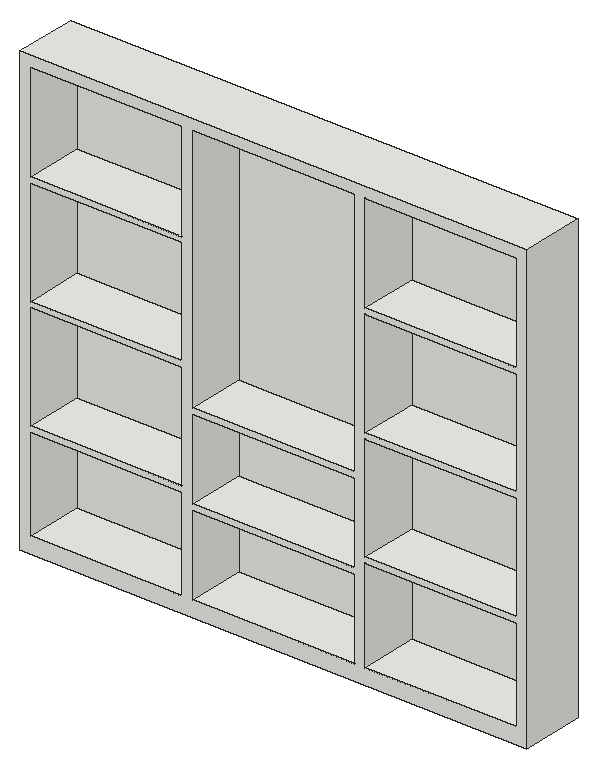
Revit family
Parameters (values of type "96" x 84" x 30"")
  Material = Laminate - Ivory, Matte
  Assembly Code = "E2020200"
  Center Width = 800 mm
  Depth = 300 mm
  Height = 2200 mm
  Width = 2500 mm
Types (2, lengths in mm): name | Material | Center Width | Depth | Height | Width
  72" x 72" x 24" | none | 812.8 | 609.6 | 1828.8 | 1828.8
  96" x 84" x 30" | Laminate - Ivory, Matte | 800 | 300 | 2200 | 2500
Reference planes
  plane 1: y = -406.4
  plane 2: z = 0
  plane 3: x = 0
  plane 4 "Back": y = -256.4
  plane 5 "Front": y = -556.4
  plane 6 "Right": x = 1250
  plane 7 "Left": x = -1250
  plane 8: z = 2200
  plane 9: x = -1199.2
  plane 10: x = -400
  plane 11: x = 400
  plane 12: x = 1199.2
  plane 13: x = -1250
  plane 14: x = 1250
  plane 15: z = 1650
  plane 16: z = 1100
  plane 17: z = 550
  plane 18: x = -425.4
  plane 19: x = 425.4
Forms (mm)
  Extrusion 1, solid, material "Laminate - Ivory, Matte" <- "Material"
    sketch origin (0, 0, 0) x (1, 0, 0) y (0, 0, 1)
      loop
        line (-1250, 0) -> (1250, 0) -> (1250, 2200) -> (-1250, 2200) -> (-1250, 0)
      loop
        line (-1199.2, 2149.2) -> (-1199.2, 1662.7) -> (-450.8, 1662.7) -> (-450.8, 2149.2) -> (-1199.2, 2149.2)
      loop
        line (-1199.2, 76.2) -> (-450.8, 76.2) -> (-450.8, 537.3) -> (-1199.2, 537.3) -> (-1199.2, 76.2)
      loop
        line (1199.2, 2149.2) -> (450.8, 2149.2) -> (450.8, 1662.7) -> (1199.2, 1662.7) -> (1199.2, 2149.2)
      loop
        line (-400, 2149.2) -> (-400, 922.2) -> (400, 922.2) -> (400, 2149.2) -> (-400, 2149.2)
      loop
        line (-400, 76.2) -> (400, 76.2) -> (400, 473.8) -> (-400, 473.8) -> (-400, 76.2)
      loop
        line (450.8, 76.2) -> (1199.2, 76.2) -> (1199.2, 537.3) -> (450.8, 537.3) -> (450.8, 76.2)
      loop
        line (-450.8, 562.7) -> (-450.8, 1087.3) -> (-1199.2, 1087.3) -> (-1199.2, 562.7) -> (-450.8, 562.7)
      loop
        line (-1199.2, 1637.3) -> (-1199.2, 1112.7) -> (-450.8, 1112.7) -> (-450.8, 1637.3) -> (-1199.2, 1637.3)
      loop
        line (1199.2, 1637.3) -> (450.8, 1637.3) -> (450.8, 1112.7) -> (1199.2, 1112.7) -> (1199.2, 1637.3)
      loop
        line (1199.2, 1087.3) -> (450.8, 1087.3) -> (450.8, 562.7) -> (1199.2, 562.7) -> (1199.2, 1087.3)
      loop
        line (-400, 499.2) -> (400, 499.2) -> (400, 896.8) -> (-400, 896.8) -> (-400, 499.2)
    from 256.4 to 566.4
  Extrusion 2, solid, material "Laminate - Ivory, Matte" <- "Material"
    sketch origin (0, -256.4, 0) x (-1, 0, 0) y (0, 0, 1)
      loop
        line (1199.2, 2149.2) -> (-1199.2, 2149.2) -> (-1199.2, 76.2) -> (1199.2, 76.2) -> (1199.2, 2149.2)
    from 0 to -25.4
Cuts and joins
  joined: Extrusion 1, Extrusion 2
Lines and regions (mm)
  Masking region 1
    outline origin (0, 0, 0) x (1, 0, 0) y (0, 1, 0)
      loop
        line (-1250, -256.4) -> (-1250, -556.4) -> (1250, -556.4) -> (1250, -256.4) -> (-1250, -256.4)
Dimensions and locks
  locked: plane 13 to plane 9 at 50.8
  locked: plane 12 to plane 14 at 50.8
  plane 8 to Extrusion 1 sketch curve = 50.8 mm
  Extrusion 1 sketch curve to plane 2 = 76.2 mm
  Extrusion 1 sketch curve to Extrusion 1 sketch curve = 25.4 mm  (x2)
  "Width": plane 7 "Left" to plane 6 "Right"
  equal spacing: plane 7 "Left", plane 3, plane 6 "Right"
  equal spacing: plane 4 "Back", plane 1, plane 5 "Front"
  "Depth": plane 4 "Back" to plane 5 "Front"
  equal spacing: plane 8, plane 15, plane 16, plane 17, plane 2
  locked: Extrusion 1 sketch curve to plane 15 at 12.7
  locked: plane 15 to Extrusion 1 sketch curve at 12.7
  locked: Extrusion 1 sketch curve to plane 16 at 12.7
  locked: plane 16 to Extrusion 1 sketch curve at 12.7
  locked: Extrusion 1 sketch curve to plane 17 at 12.7
  locked: plane 17 to Extrusion 1 sketch curve at 12.7
  "Height": plane 8 to plane 2
  "Center Width": plane 10 to plane 11
  equal spacing: plane 10, plane 3, plane 11
  locked: plane 18 to plane 10 at 25.4
  locked: plane 11 to plane 19 at 25.4
  aligned and locked: Extrusion 1 sketch curve to plane 13
  aligned and locked: Extrusion 1 sketch curve to plane 14
  aligned and locked: plane 13 to plane 7 "Left"
  aligned and locked: Extrusion 1 sketch curve to Extrusion 1 sketch curve  (x2)
  aligned and locked: plane 14 to plane 6 "Right"
  aligned and locked: plane 4 "Back" to Extrusion 1
  aligned and locked: Masking region 1 sketch curve to plane 6 "Right"
  aligned and locked: plane 7 "Left" to Masking region 1 sketch curve
  aligned and locked: Masking region 1 sketch curve to plane 4 "Back"
  aligned and locked: plane 5 "Front" to Masking region 1 sketch curve
Automatic sketch dimensions
  Extrusion 1 sketch curve to plane 9 = 0 mm  (x4)
  Extrusion 1 sketch curve to plane 10 = 0 mm  (x3)
  Extrusion 1 sketch curve to plane 11 = 0 mm  (x3)
  Extrusion 1 sketch curve to plane 12 = 0 mm  (x4)
  Extrusion 1 sketch curve to Extrusion 1 sketch curve = 50.8 mm  (x2)
  Extrusion 1 sketch curve to plane 11 = 50.8 mm
  Extrusion 1 sketch curve to plane 8 = 0 mm
  Extrusion 1 sketch curve to Extrusion 1 sketch curve = 0 mm  (x6)
  Extrusion 1 sketch curve to level = 0 mm
  level to Extrusion 1 sketch curve = 76.2 mm
  plane 8 to Extrusion 1 sketch curve = 50.8 mm
  Extrusion 1 sketch curve to Extrusion 1 sketch curve = 165.1 mm  (x2)
  Extrusion 1 sketch curve to Extrusion 1 sketch curve = 25.4 mm  (x2)
  Extrusion 1 sketch curve to Extrusion 1 sketch curve = 38.1 mm  (x2)
  Extrusion 2 sketch curve to plane 6 "Right" = 50.8 mm
  plane 7 "Left" to Extrusion 2 sketch curve = 50.8 mm
  level to Extrusion 2 sketch curve = 76.2 mm
  plane 8 to Extrusion 2 sketch curve = 50.8 mm
  plane 18 to Extrusion 1 sketch curve = 25.4 mm
